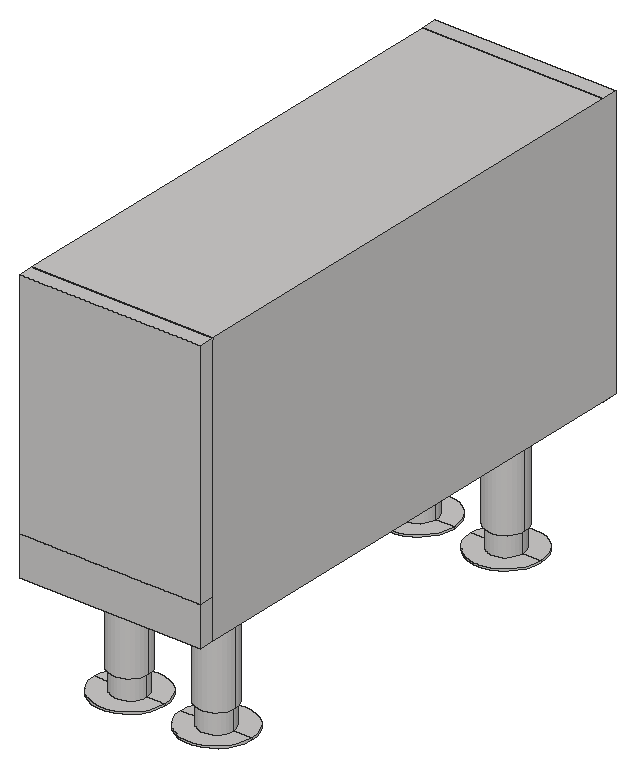
Revit family "QF_ELECTROLUXPROFESSIONAL_589909_MC3ACOCOOM", category Attrezzature speciali, Revit 2021
Family settings
  Quota connettore circolare = Usa diametro
  Tipo di parte = Normale
  Basato su piano di lavoro = No
  Sempre verticale = Sì
  Taglio con vuoti quando caricato = No
  Condiviso = No
  Punto di calcolo locali = No
Parameters (values of type "Standard")
  Weight = 9.50 kg
  Watts = 0 W
  Volts = 0 V
  URL Manufacturer = "https://www.electroluxprofessional.com/"
  URL = "https://www.electroluxprofessional.com/"
  Steam Supply Size = 0"
  Steam Supply Minimum Pressure = 0.00 psi
  Steam Supply Maximum Pressure = 0.00 psi
  Steam Consumption per Hour = 0
  Refrigeration Suction Line Size = 0 mm
  Refrigeration Liquid Line Size = 0 mm
  Refrigerant Compressor Remote = yes
  Prospetto di default = 0 mm
  Phase = 0
  Modello = "MC3ACOCOOM"
  Produttore = "Electrolux Professional"
  Length Actual = 300 mm  # constant formula
  Item Number = "589909"
  Hot Water Size = 0"
  Height Actual = 450 mm  # constant formula
  HP = "0 HP"
  Gas Size = 0"
  Gas KW = 0
  Gas Input Pressure = 0.0 Btu/h
  Direct Waste Size = 0"
  Descrizione = "CLOSED BASE, MARINE FEET, 300X900X450H"
  Depth Actual = 900 mm  # constant formula
  Cycle = 0 Hz
  Condensate Return Size = 0"
  Compressed Air Volume = 0 GPM
  Compressed Air Size = 0"
  Compressed Air Pressure = 0.00 psi
  Cold Water Size = 0"
  Accessory = yes
Reference planes
  plane 1 "BACK": y = 0
  plane 2: z = 0
  plane 3 "LEFT": x = 50
  plane 4 "RIGHT": x = 350
  plane 5 "FRONT": y = -900
  plane 6 "PLAIN": z = 900
  plane 7 "Center (Left/Right)": x = 200
  plane 8 "Center (Front/Back)": y = -450
  plane 9 "TOP": z = 650
  plane 10 "BASE": z = 200
  plane 11: x = 272
  plane 12: x = 128
  plane 13 "Feet_back": y = -150
  plane 14 "Feet_Front": y = -750
  plane 15: x = 110
  plane 16: x = 290
  plane 17: z = 265
  plane 18: y = -20
  plane 19: y = -855
  plane 20: y = -45
  plane 21: y = -880
  plane 22 "ButtonZ": z = 590
Forms (mm)
  Extrusion 1, solid, material "QF_Finishes_Stainless Steel"
    sketch origin (50, 0, 650) x (0, 1, 0) y (0, 0, 1)
      loop
        line (-20, -450) -> (-20, 0) -> (-855, 0) -> (-855, -450) -> (-20, -450)
    from 0 to 300
  Extrusion 2, solid, material "QF_Finishes_Stainless Steel"
    sketch origin (50, 0, 650) x (0, 1, 0) y (0, 0, 1)
      loop
        line (-880, -450) -> (-855, -450) -> (-855, -385) -> (-880, -385) -> (-880, -450)
    from 0 to 300
  Revolve 3, solid, material "QF_Finishes_Stainless Steel"
    sketch origin (396, -750, 0) x (-1, 0, 0) y (0, 0, 1)
      loop
        line (300, 38) -> (300, 200) -> (268, 200) -> (268, 0) -> (326.5, 0) -> (326.5, 3) -> (296, 3) -> (296, 38) -> (300, 38)
      axis (268, 200) -> (268, 0)
    angle from 0 to 360
  Revolve 4, solid, material "QF_Finishes_Stainless Steel"
    sketch origin (640, -750, 0) x (-1, 0, 0) y (0, 0, 1)
      loop
        line (400, 38) -> (400, 200) -> (368, 200) -> (368, 0) -> (426.5, 0) -> (426.5, 3) -> (396, 3) -> (396, 38) -> (400, 38)
      axis (368, 200) -> (368, 0)
    angle from 0 to 360
  Revolve 5, solid, material "QF_Finishes_Stainless Steel"
    sketch origin (396, -150, 0) x (-1, 0, 0) y (0, 0, 1)
      loop
        line (300, 38) -> (300, 200) -> (268, 200) -> (268, 0) -> (326.5, 0) -> (326.5, 3) -> (296, 3) -> (296, 38) -> (300, 38)
      axis (268, 200) -> (268, 0)
    angle from 0 to 360
  Revolve 6, solid, material "QF_Finishes_Stainless Steel"
    sketch origin (640, -150, 0) x (-1, 0, 0) y (0, 0, 1)
      loop
        line (400, 38) -> (400, 200) -> (368, 200) -> (368, 0) -> (426.5, 0) -> (426.5, 3) -> (396, 3) -> (396, 38) -> (400, 38)
      axis (368, 200) -> (368, 0)
    angle from 0 to 360
  Extrusion 7, solid, material "QF_Finishes_Stainless Steel"
    sketch origin (0, -900, 0) x (1, 0, 0) y (0, 0, 1)
      loop
        line (50, 650) -> (50, 265) -> (350, 265) -> (350, 650) -> (50, 650)
    from -45 to -20
  Extrusion 8, solid, material "QF_Finishes_Stainless Steel"
    sketch origin (0, 0, 0) x (1, 0, 0) y (0, 0, 1)
      loop
        line (50, 650) -> (50, 265) -> (350, 265) -> (350, 650) -> (50, 650)
    from 20 to 45
  Extrusion 9, solid, material "QF_Finishes_Stainless Steel"
    sketch origin (0, 0, 0) x (1, 0, 0) y (0, 0, 1)
      loop
        line (50, 265) -> (50, 200) -> (350, 200) -> (350, 265) -> (50, 265)
    from 45 to 20
Lines and regions (mm)
  symbolic lines, style "SpecialityEquipmentHiddenLines"
    curve 1: line (50, 0, 0) -> (350, 0, 0)
    curve 2: line (50, -900, 0) -> (50, 0, 0)
    curve 3: line (350, -900, 0) -> (50, -900, 0)
    curve 4: line (350, 0, 0) -> (350, -900, 0)
Dimensions and locks
  plane 3 "LEFT" to plane 4 "RIGHT" = 300 mm
  plane 5 "FRONT" to plane 1 "BACK" = 900 mm
  plane 3 "LEFT" to plane 7 "Center (Left/Right)" to plane 4 "RIGHT" = 150 mm, 150 mm
  equal spacing: plane 5 "FRONT", plane 8 "Center (Front/Back)", plane 1 "BACK"
  plane 6 "PLAIN" to plane 9 "TOP" = 250 mm
  plane 10 "BASE" to level = 200 mm
  plane 9 "TOP" to plane 10 "BASE" = 450 mm
  locked: plane 1 "BACK" to plane 13 "Feet_back" at 150
  locked: plane 12 to plane 3 "LEFT" at 78
  locked: plane 11 to plane 4 "RIGHT" at 78
  plane 16 to plane 15 = 180 mm
  locked: plane 17 to plane 10 "BASE" at 65
  plane 1 "BACK" to plane 18 = 20 mm
  plane 6 "PLAIN" to level = 900 mm
  locked: plane 18 to plane 20 at 25
  locked: plane 21 to plane 5 "FRONT" at 20
  locked: plane 19 to plane 21 at 25
  plane 18 to plane 21 = 860 mm
  plane 22 "ButtonZ" to level = 590 mm
  plane 11 to plane 12 = 144 mm
  plane 14 "Feet_Front" to plane 21 = 130 mm
  aligned and locked: level to plane 2
  aligned and locked: Extrusion 1 to plane 4 "RIGHT"
  aligned and locked: Extrusion 1 to plane 3 "LEFT"
  aligned and locked: Extrusion 2 to plane 4 "RIGHT"
  aligned and locked: Extrusion 2 to plane 10 "BASE"
  aligned and locked: Extrusion 2 to plane 17
  aligned and locked: Extrusion 2 to plane 19
  aligned and locked: plane 21 to Extrusion 2
Automatic sketch dimensions
  curve 3 to plane 3 "LEFT" = 0 mm
  curve 3 to plane 4 "RIGHT" = 0 mm
  plane 5 "FRONT" to curve 3 = 0 mm
  plane 1 "BACK" to curve 2 = 0 mm
  Extrusion 1 sketch curve to plane 10 "BASE" = 0 mm
  Extrusion 1 sketch curve to plane 19 = 0 mm
  Extrusion 1 sketch curve to plane 20 = 25 mm
  Extrusion 1 sketch curve to plane 9 "TOP" = 0 mm
  plane 17 to Extrusion 2 sketch curve = 0 mm
  Extrusion 2 sketch curve to plane 21 = 0 mm
  Extrusion 2 sketch curve to plane 10 "BASE" = 0 mm
  Extrusion 2 sketch curve to plane 19 = 0 mm
  Revolve 3 sketch curve to plane 12 = 0 mm  (x2)
  Revolve 3 sketch curve to level = 0 mm
  Revolve 3 sketch curve to plane 10 "BASE" = 0 mm
  Revolve 3 sketch curve to plane 15 = 10 mm
  Revolve 3 sketch curve to plane 15 = 14 mm
  plane 3 "LEFT" to Revolve 3 sketch curve = 19.5 mm
  level to Revolve 3 sketch curve = 3 mm
  Revolve 3 sketch curve to Revolve 3 sketch curve = 35 mm
  Revolve 3 sketch curve to Revolve 3 sketch curve = 130 mm
  Revolve 3 sketch curve to plane 17 = 115 mm
  Revolve 4 sketch curve to plane 11 = 0 mm  (x2)
  Revolve 4 sketch curve to level = 0 mm
  Revolve 4 sketch curve to plane 10 "BASE" = 0 mm
  Revolve 4 sketch curve to plane 11 = 28 mm
  Revolve 4 sketch curve to plane 11 = 32 mm
  Revolve 4 sketch curve to Revolve 4 sketch curve = 30.5 mm
  level to Revolve 4 sketch curve = 3 mm
  Revolve 4 sketch curve to Revolve 4 sketch curve = 35 mm
  Revolve 4 sketch curve to Revolve 4 sketch curve = 130 mm
  Revolve 4 sketch curve to plane 17 = 115 mm
  Revolve 5 sketch curve to plane 12 = 0 mm  (x2)
  Revolve 5 sketch curve to level = 0 mm
  Revolve 5 sketch curve to plane 10 "BASE" = 0 mm
  Revolve 5 sketch curve to plane 15 = 10 mm
  Revolve 5 sketch curve to plane 15 = 14 mm
  plane 3 "LEFT" to Revolve 5 sketch curve = 19.5 mm
  level to Revolve 5 sketch curve = 3 mm
  Revolve 5 sketch curve to Revolve 5 sketch curve = 35 mm
  Revolve 5 sketch curve to Revolve 5 sketch curve = 130 mm
  Revolve 5 sketch curve to plane 17 = 115 mm
  Revolve 6 sketch curve to plane 11 = 0 mm  (x2)
  Revolve 6 sketch curve to level = 0 mm
  Revolve 6 sketch curve to plane 10 "BASE" = 0 mm
  Revolve 6 sketch curve to plane 11 = 28 mm
  Revolve 6 sketch curve to plane 11 = 32 mm
  Revolve 6 sketch curve to Revolve 6 sketch curve = 30.5 mm
  level to Revolve 6 sketch curve = 3 mm
  Revolve 6 sketch curve to Revolve 6 sketch curve = 35 mm
  Revolve 6 sketch curve to Revolve 6 sketch curve = 130 mm
  Revolve 6 sketch curve to plane 17 = 115 mm
  Extrusion 7 sketch curve to plane 3 "LEFT" = 0 mm
  plane 4 "RIGHT" to Extrusion 7 sketch curve = 0 mm
  Extrusion 7 sketch curve to plane 17 = 0 mm
  Extrusion 7 sketch curve to plane 9 "TOP" = 0 mm
  Extrusion 8 sketch curve to plane 3 "LEFT" = 0 mm
  plane 4 "RIGHT" to Extrusion 8 sketch curve = 0 mm
  plane 10 "BASE" to Extrusion 8 sketch curve = 65 mm
  Extrusion 8 sketch curve to plane 9 "TOP" = 0 mm
  Extrusion 9 sketch curve to plane 3 "LEFT" = 0 mm
  plane 4 "RIGHT" to Extrusion 9 sketch curve = 0 mm
  Extrusion 9 sketch curve to plane 10 "BASE" = 0 mm
  Extrusion 9 sketch curve to plane 9 "TOP" = 385 mm
